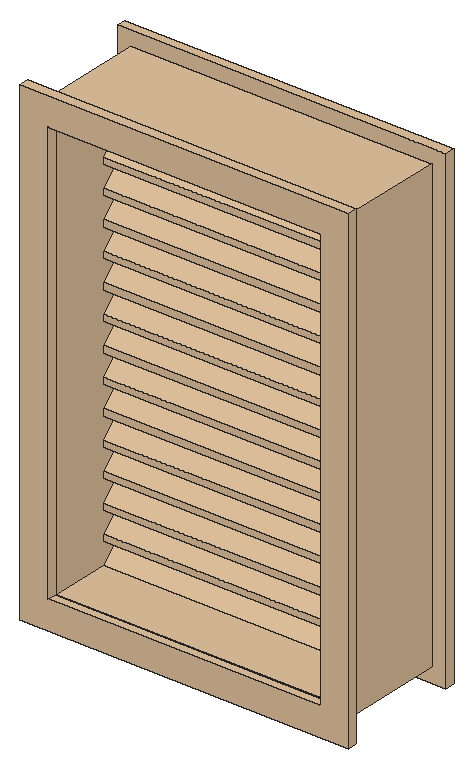
Revit family
Parameters (values of type "16" x 24"")
  Assembly Code = "B20"
  Frame Material = Wood - Birch
  Louver Material = Wood - Birch
  Default Sill Height = 3' - 0"
  Trim Exterior Material = Wood - Birch
  Trim Interior Material = Wood - Birch
  Trim Projection - Ext. = 0' - 0 1/2"
  Trim Projection - Int. = 0' - 0 1/2"
  Trim Width - Exterior = 0' - 1 1/2"
  Trim Width - Interior = 0' - 1 1/2"
  Wall Closure = (empty or 0)
  Width = 1' - 4"
Types (3): name | Width
  (no name) | 1' - 4"
  24" x 24" | 2' - 0"
  16" x 24" | 1' - 4"
Reference planes (in)
  plane 1: y = 0
  plane 2: z = 0
  plane 3 "Center": x = 0
  plane 4 "Left": x = -8
  plane 5 "Right": x = 8
  plane 6 "Sill": z = 36
  plane 7 "Top": z = 60
  plane 8: y = 2.75
  plane 9: y = -3.25
  plane 10: x = -7.25
  plane 11: x = -8.75
  plane 12: x = -8.75
  plane 13: x = 8.75
  plane 14: x = 8.75
  plane 15: x = 7.25
  plane 16: z = 60.75
  plane 17: z = 60.75
  plane 18: z = 59.25
  plane 19: z = 36.75
  plane 20: z = 35.25
  plane 21: z = 35.25
  plane 22: y = -0.07843
Forms (in)
  Extrusion 1, solid, material "Wood - Birch" <- "Frame Material"
    sketch origin (0, 0, 0) x (1, 0, 0) y (0, 0, 1)
      loop
        line (-8, 60) -> (-8, 36) -> (8, 36) -> (8, 60) -> (-8, 60)
      loop
        line (-7.25, 59.25) -> (-7.25, 36.75) -> (7.25, 36.75) -> (7.25, 59.25) -> (-7.25, 59.25)
    from -2.75 to 3.25
  Extrusion 2, solid, material "Wood - Birch" <- "Trim Interior Material"
    sketch origin (0, 0, 0) x (1, 0, 0) y (0, 0, 1)
      loop
        line (-7.25, 59.25) -> (-7.25, 36.75) -> (7.25, 36.75) -> (7.25, 59.25) -> (-7.25, 59.25)
      loop
        line (-8.75, 60.75) -> (-8.75, 35.25) -> (8.75, 35.25) -> (8.75, 60.75) -> (-8.75, 60.75)
    from 3.25 to 3.75
  Extrusion 3, solid, material "Wood - Birch" <- "Trim Exterior Material"
    sketch origin (0, 0, 0) x (-1, 0, 0) y (0, 0, 1)
      loop
        line (-7.25, 59.25) -> (-7.25, 36.75) -> (7.25, 36.75) -> (7.25, 59.25) -> (-7.25, 59.25)
      loop
        line (-8.75, 60.75) -> (-8.75, 35.25) -> (8.75, 35.25) -> (8.75, 60.75) -> (-8.75, 60.75)
    from 2.75 to 3.25
  Extrusion 4, solid, material "Wood - Birch" <- "Louver Material"
    sketch origin (0, 0, 0) x (0, -1, 0) y (0, 0, 1)
      loop
        line (-2.75, 36.75) -> (-2.39645, 36.75) -> (-1.33579, 37.81066) -> (-0.27513, 36.75) -> (0.07843, 36.75) -> (-1.33579, 38.16421) -> (-2.75, 36.75)
      loop
        line (-2.75, 38.25) -> (-2.75, 37.89645) -> (-1.33579, 39.31066) -> (0.07843, 37.89645) -> (0.07843, 38.25) -> (-1.33579, 39.66421) -> (-2.75, 38.25)
      loop
        line (-2.75, 39.75) -> (-2.75, 39.39645) -> (-1.33579, 40.81066) -> (0.07843, 39.39645) -> (0.07843, 39.75) -> (-1.33579, 41.16421) -> (-2.75, 39.75)
      loop
        line (-2.75, 41.25) -> (-2.75, 40.89645) -> (-1.33579, 42.31066) -> (0.07843, 40.89645) -> (0.07843, 41.25) -> (-1.33579, 42.66421) -> (-2.75, 41.25)
      loop
        line (-2.75, 42.75) -> (-2.75, 42.39645) -> (-1.33579, 43.81066) -> (0.07843, 42.39645) -> (0.07843, 42.75) -> (-1.33579, 44.16421) -> (-2.75, 42.75)
      loop
        line (-2.75, 44.25) -> (-2.75, 43.89645) -> (-1.33579, 45.31066) -> (0.07843, 43.89645) -> (0.07843, 44.25) -> (-1.33579, 45.66421) -> (-2.75, 44.25)
      loop
        line (-2.75, 45.75) -> (-2.75, 45.39645) -> (-1.33579, 46.81066) -> (0.07843, 45.39645) -> (0.07843, 45.75) -> (-1.33579, 47.16421) -> (-2.75, 45.75)
      loop
        line (-2.75, 47.25) -> (-2.75, 46.89645) -> (-1.33579, 48.31066) -> (0.07843, 46.89645) -> (0.07843, 47.25) -> (-1.33579, 48.66421) -> (-2.75, 47.25)
      loop
        line (-2.75, 48.75) -> (-2.75, 48.39645) -> (-1.33579, 49.81066) -> (0.07843, 48.39645) -> (0.07843, 48.75) -> (-1.33579, 50.16421) -> (-2.75, 48.75)
      loop
        line (-2.75, 50.25) -> (-2.75, 49.89645) -> (-1.33579, 51.31066) -> (0.07843, 49.89645) -> (0.07843, 50.25) -> (-1.33579, 51.66421) -> (-2.75, 50.25)
      loop
        line (-2.75, 51.75) -> (-2.75, 51.39645) -> (-1.33579, 52.81066) -> (0.07843, 51.39645) -> (0.07843, 51.75) -> (-1.33579, 53.16421) -> (-2.75, 51.75)
      loop
        line (-2.75, 53.25) -> (-2.75, 52.89645) -> (-1.33579, 54.31066) -> (0.07843, 52.89645) -> (0.07843, 53.25) -> (-1.33579, 54.66421) -> (-2.75, 53.25)
      loop
        line (-2.75, 54.75) -> (-2.75, 54.39645) -> (-1.33579, 55.81066) -> (0.07843, 54.39645) -> (0.07843, 54.75) -> (-1.33579, 56.16421) -> (-2.75, 54.75)
      loop
        line (-2.75, 56.25) -> (-2.75, 55.89645) -> (-1.33579, 57.31066) -> (0.07843, 55.89645) -> (0.07843, 56.25) -> (-1.33579, 57.66421) -> (-2.75, 56.25)
      loop
        line (-2.75, 57.75) -> (-2.75, 57.39645) -> (-1.33579, 58.81066) -> (0.07843, 57.39645) -> (0.07843, 57.75) -> (-1.33579, 59.16421) -> (-2.75, 57.75)
    from -7.25 to 7.25
Lines and regions (in)
  Opening 1
    outline origin (-60, -3.25, 0) x (1, 0, 0) y (0, 0, 1)
      loop
        line (52, 60) -> (52, 36) -> (68, 36) -> (68, 60) -> (52, 60)
  symbolic lines, style "WindowsFrameMullionProjection"
    curve 1: line (-8, 2.75, 0) -> (-7.25, 2.75, 0)
    curve 2: line (-7.25, -3.25, 0) -> (-7.25, 2.75, 0)
    curve 3: line (8, 2.75, 0) -> (7.25, 2.75, 0)
    curve 4: line (7.25, -3.25, 0) -> (7.25, 2.75, 0)
    curve 5: line (-7.25, -3.25, 0) -> (-8, -3.25, 0)
    curve 6: line (7.25, -3.25, 0) -> (8, -3.25, 0)
    curve 7: line (-7.25, 2.25, 56.25) -> (7.25, 2.25, 56.25)
    curve 8: line (-7.25, 2.25, 54.75) -> (7.25, 2.25, 54.75)
    curve 9: line (-7.25, 2.25, 53.25) -> (7.25, 2.25, 53.25)
    curve 10: line (-7.25, 2.25, 51.75) -> (7.25, 2.25, 51.75)
    curve 11: line (-7.25, 2.25, 50.25) -> (7.25, 2.25, 50.25)
    curve 12: line (-7.25, 2.25, 48.75) -> (7.25, 2.25, 48.75)
    curve 13: line (-7.25, 2.25, 47.25) -> (7.25, 2.25, 47.25)
    curve 14: line (-7.25, 2.25, 45.75) -> (7.25, 2.25, 45.75)
    curve 15: line (-7.25, 2.25, 44.25) -> (7.25, 2.25, 44.25)
    curve 16: line (-7.25, 2.25, 42.75) -> (7.25, 2.25, 42.75)
    curve 17: line (-7.25, 2.25, 41.25) -> (7.25, 2.25, 41.25)
    curve 18: line (-7.25, 2.25, 39.75) -> (7.25, 2.25, 39.75)
    curve 19: line (-7.25, 2.25, 38.25) -> (7.25, 2.25, 38.25)
    curve 20: line (-7.25, 2.25, 57.75) -> (7.25, 2.25, 57.75)
    curve 21: line (-7.25, -0.07843, 0) -> (7.25, -0.07843, 0)
    curve 22: line (7.25, 2.75, 0) -> (-7.25, 2.75, 0)
Text (in)
  text "EXTERIOR" at (-56.58296, 47.43395, 0), in view "Floor Line"
  text "INTERIOR" at (-58.6888, -34.46062, 0), in view "Floor Line"
  text "Exterior" at (0, 31.04475, 79.27413), in view "Left"
  text "Exterior" at (0, 18.29385, 125.04747), in view "Right"
Dimensions and locks (in)
  equal spacing: plane 4 "Left", plane 3 "Center", plane 5 "Right"
  "Width": plane 4 "Left" to plane 5 "Right"
  "Default Sill Height": plane 2 to plane 6 "Sill"
  "Trim Projection - Int.": Extrusion 2 to Extrusion 2
  "Trim Projection - Ext.": Extrusion 3 to Extrusion 3
  locked: plane 4 "Left" to plane 10 at 0.75
  locked: plane 15 to plane 5 "Right" at 0.75
  plane 18 to plane 7 "Top" = 0' - 0 3/4"
  "Trim Width - Exterior": plane 18 to plane 16
  "Trim Width - Exterior": plane 15 to plane 13
  "Trim Width - Exterior": plane 11 to plane 10
  plane 19 to plane 6 "Sill" = 0' - 0 3/4"
  "Trim Width - Interior": plane 19 to plane 20
  "Trim Width - Interior": plane 12 to plane 10
  "Trim Width - Interior": plane 15 to plane 14
  "Trim Width - Interior": plane 17 to plane 18
  "Trim Width - Exterior": plane 21 to plane 19
  locked: plane 8 to plane 22 at 2.82843
  locked: plane 10 to Extrusion 4 at 0
  locked: Extrusion 4 to plane 15
  locked: plane 6 "Sill" to plane 7 "Top" at 24
  aligned and locked: plane 7 "Top" to Opening 1 sketch curve
  aligned and locked: plane 6 "Sill" to Opening 1 sketch curve  (x2)
  aligned and locked: plane 5 "Right" to Opening 1 sketch curve
  aligned and locked: plane 4 "Left" to Opening 1 sketch curve
  aligned and locked: plane 9 to host wall
  aligned and locked: plane 8 to host wall
  aligned and locked: host wall to Extrusion 1  (x2)
  aligned and locked: curve 3 to Extrusion 1  (x2)
  aligned and locked: Extrusion 2 to host wall
  aligned and locked: Extrusion 3 sketch curve to Extrusion 1  (x4)
  aligned and locked: Extrusion 3 to host wall
Automatic sketch dimensions
  Extrusion 1 sketch curve to plane 4 "Left" = 0' - 0"
  Extrusion 1 sketch curve to plane 5 "Right" = 0' - 0"
  Extrusion 1 sketch curve to plane 4 "Left" = 0' - 0 3/4"
  plane 5 "Right" to Extrusion 1 sketch curve = 0' - 0 3/4"
  Extrusion 1 sketch curve to plane 6 "Sill" = 0' - 0"
  Extrusion 1 sketch curve to plane 7 "Top" = 0' - 0"
  Extrusion 1 sketch curve to plane 6 "Sill" = 0' - 0 3/4"
  plane 7 "Top" to Extrusion 1 sketch curve = 0' - 0 3/4"
  Extrusion 2 sketch curve to plane 12 = 0' - 0"
  Extrusion 2 sketch curve to plane 10 = 0' - 0"
  Extrusion 2 sketch curve to plane 15 = 0' - 0"
  Extrusion 2 sketch curve to plane 14 = 0' - 0"
  Extrusion 2 sketch curve to plane 20 = 0' - 0"
  Extrusion 2 sketch curve to plane 19 = 0' - 0"
  Extrusion 2 sketch curve to plane 18 = 0' - 0"
  Extrusion 2 sketch curve to plane 17 = 0' - 0"
  Extrusion 3 sketch curve to plane 13 = 0' - 0"
  Extrusion 3 sketch curve to plane 11 = 0' - 0"
  Extrusion 3 sketch curve to plane 21 = 0' - 0"
  Extrusion 3 sketch curve to plane 16 = 0' - 0"
  Extrusion 4 sketch curve to plane 8 = 0' - 0"  (x35)
  Extrusion 4 sketch curve to plane 22 = 0' - 0"  (x35)
  plane 18 to Extrusion 4 sketch curve = 0' - 3"  (x4)
  plane 16 to Extrusion 4 sketch curve = 0' - 3"  (x4)
  Extrusion 4 sketch curve to Extrusion 4 sketch curve = 0' - 0.35355"  (x38)
  Extrusion 4 sketch curve to plane 8 = 0' - 1.41421"  (x13)
  Extrusion 4 sketch curve to Extrusion 4 sketch curve = 0' - 0"  (x97)
  plane 18 to Extrusion 4 sketch curve = 0' - 3.43934"  (x2)
  plane 7 "Top" to Extrusion 4 sketch curve = 0' - 2.68934"  (x2)
  plane 16 to Extrusion 4 sketch curve = 0' - 3.08579"  (x2)
  plane 18 to Extrusion 4 sketch curve = 0' - 3.08579"  (x2)
  Extrusion 4 sketch curve to Extrusion 4 sketch curve = 0' - 1 1/2"  (x2)
  Extrusion 4 sketch curve to Extrusion 4 sketch curve = 0' - 1.14645"  (x35)
  plane 16 to Extrusion 4 sketch curve = 0' - 1.93934"
  curve 20 to plane 15 = 0' - 0"
  curve 20 to plane 10 = 0' - 0"
  curve 7 to plane 10 = 0' - 0"
  curve 7 to plane 15 = 0' - 0"
  curve 8 to plane 15 = 0' - 0"
  curve 8 to plane 10 = 0' - 0"
  curve 9 to plane 10 = 0' - 0"
  curve 9 to plane 15 = 0' - 0"
  curve 10 to plane 10 = 0' - 0"
  curve 10 to plane 15 = 0' - 0"
  curve 11 to plane 15 = 0' - 0"
  curve 11 to plane 10 = 0' - 0"
  curve 12 to plane 15 = 0' - 0"
  curve 12 to plane 10 = 0' - 0"
  curve 13 to plane 15 = 0' - 0"
  curve 13 to plane 10 = 0' - 0"
  curve 14 to plane 15 = 0' - 0"
  curve 14 to plane 10 = 0' - 0"
  curve 15 to plane 10 = 0' - 0"
  curve 15 to plane 15 = 0' - 0"
  curve 16 to plane 10 = 0' - 0"
  curve 16 to plane 15 = 0' - 0"
  curve 17 to plane 15 = 0' - 0"
  curve 17 to plane 10 = 0' - 0"
  curve 18 to plane 10 = 0' - 0"
  curve 18 to plane 15 = 0' - 0"
  curve 19 to plane 10 = 0' - 0"
  curve 19 to plane 15 = 0' - 0"
  plane 7 "Top" to curve 20 = 0' - 2 1/4"
  curve 20 to curve 7 = 0' - 1 1/2"
  curve 7 to curve 8 = 0' - 1 1/2"
  curve 8 to curve 9 = 0' - 1 1/2"
  curve 9 to curve 10 = 0' - 1 1/2"
  curve 10 to curve 11 = 0' - 1 1/2"
  curve 11 to curve 12 = 0' - 1 1/2"
  curve 12 to curve 13 = 0' - 1 1/2"
  curve 13 to curve 14 = 0' - 1 1/2"
  curve 14 to curve 15 = 0' - 1 1/2"
  curve 15 to curve 16 = 0' - 1 1/2"
  curve 16 to curve 17 = 0' - 1 1/2"
  curve 17 to curve 18 = 0' - 1 1/2"
  curve 18 to curve 19 = 0' - 1 1/2"
  curve 5 to plane 4 "Left" = 0' - 0"
  curve 1 to plane 4 "Left" = 0' - 0"
  curve 2 to plane 10 = 0' - 0"
  curve 3 to plane 15 = 0' - 0"
  curve 6 to plane 5 "Right" = 0' - 0"
  curve 5 to plane 9 = 0' - 0"
  curve 4 to plane 9 = 0' - 0"
  plane 1 to curve 21 = 0' - 0.07843"
